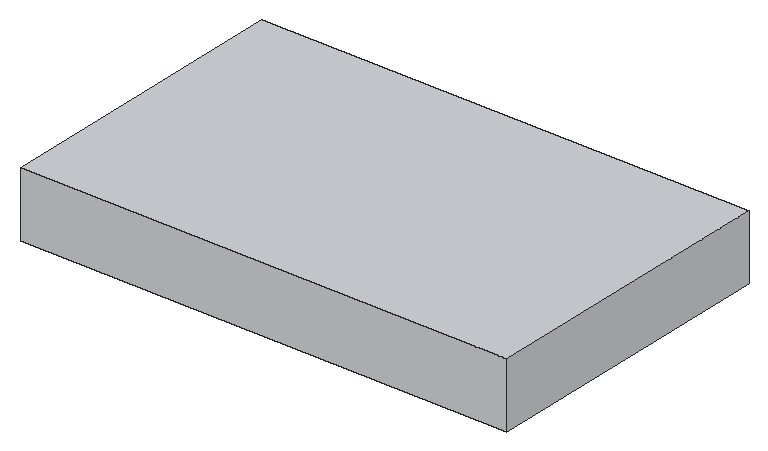
Revit family "SH-20.16", category Устройства связи, Revit 2016
Family settings
  Сохранять ориентацию аннотаций = Нет
  Тип детали = Нормальный
  Размер круглого соединителя = Использовать диаметр
  На основе рабочей плоскости = Да
  Всегда вертикально = Нет
  При загрузке вырезать с полостями = Нет
  Общий = Да
  Точка расчета площади = Нет
Parameters (values of type "SH-20.16")
  Максимальная мощность на каждом порту с PoE = "15.4 Вт"
  Количество портов UpLink = "2 порта 10/100Base-TX"  # constant formula
  Максимальная длина кабеля при подключении к портам с PoE = "100 метров"  # constant formula
  Уровень коммутатора = "1 (неуправляемый)"  # constant formula
  Default Elevation = 0 mm
  Описание = "Неуправляемый PoE коммутатор 10/100Base-TX, предназначенный для подключения сетевых устройств поддерживающих технологию Power over Ethernet."  # constant formula
  Габаритные размеры = "330х205х44,5 мм"
  Метод подачи питания на портах с PoE = "Метод B"  # constant formula
  Изображение типоразмера = <Нет>
  Изготовитель = "BAS-IP"  # constant formula
  Количество портов PoE = "PoE 16 порта IEEE 802.3af"
  Группа модели = "Коммутатор"  # constant formula
  Источник питания = ""
  URL = "https://www.bas-ip.ru"
  Email = "support@bimlib.ru"  # constant formula
  BIM library = "https://bimlib.ru/manufacturer/"  # constant formula
  ADSK_Размер_Ширина = 205 mm
  ADSK_Размер_Толщина = 44.5 mm
  ADSK_Размер_Длина = 330 mm
  ADSK_Примечание = ""
  ADSK_Полная мощность = ADSK_Номинальная мощность / ADSK_Коэффициент мощности  # 322.222 VA
  ADSK_Позиция = ""
  ADSK_Обозначение = ""
  ADSK_Номинальная мощность = 290 W  # constant formula
  ADSK_Напряжение = 48 V  # constant formula
  ADSK_Наименование краткое = ADSK_Марка  # "SH-20.16"
  ADSK_Наименование = "POE КОММУТАТОР SH-20.16"
  ADSK_Масса_Текст = ""
  ADSK_Марка = "SH-20.16"
  ADSK_Коэффициент мощности = 0.9  # constant formula
  ADSK_Количество фаз = 1
  ADSK_Код изделия = ""
  ADSK_Классификация нагрузок = Коммутатор
  ADSK_Зона = ""
  ADSK_Завод-изготовитель = Изготовитель  # "BAS-IP"
  ADSK_Единица измерения = "шт"  # constant formula
  ADSK_Версия Revit = "Revit 2016"  # constant formula
  ADSK_URL страницы изделия = "https://www.bas-ip.ru/catalog/accessories/bas-ip-sh-20-4/"
  ADSK_URL документации изделия = ""
Types (4, lengths in mm): name | Максимальная мощность на каждом порту с PoE | Габаритные размеры | Количество портов PoE | Источник питания | ADSK_Размер_Ширина | ADSK_Размер_Толщина | ADSK_Размер_Длина | ADSK_Наименование краткое | ADSK_Наименование | ADSK_Марка
  (no name) | "15.4 Вт" | "330х205х44,5 мм" | "PoE 16 порта IEEE 802.3af" | "" | 205 | 44.5 | 330 | "SH-20.16" | "POE КОММУТАТОР SH-20.16" | "SH-20.16"
  SH-20.4 | "15 Вт" | "150х77х28,5 мм" | "PoE 4 порта IEEE 802.3af" | "Внешний 48 В 1,25 А (в комплекте)" | 77 | 28.5 | 150 | "SH-20.4" | "POE КОММУТАТОР SH-20.4" | "SH-20.4"
  SH-20.8 | "15.4 Вт" | "190х77х28,5 мм" | "PoE 8 порта IEEE 802.3af" | "Внешний 48 В 3,0 А (в комплекте)" | 77 | 28.5 | 190 | "SH-20.8" | "POE КОММУТАТОР SH-20.8" | "SH-20.8"
  SH-20.16 | "15.4 Вт" | "330х205х44,5 мм" | "PoE 16 порта IEEE 802.3af" | "" | 205 | 44.5 | 330 | "SH-20.16" | "POE КОММУТАТОР SH-20.16" | "SH-20.16"
Reference planes
  plane 1 "По центру (Вперед/Назад)": y = 0
  plane 2: z = 0
  plane 3 "По центру (Влево/Вправо)": x = 0
  plane 4: x = -165
  plane 5: y = 102.5
  plane 6: x = 165
  plane 7: y = -102.5
  plane 8: z = 44.5
  plane 9 "Плоскость для коннекторов": z = 0
Forms (mm)
  Extrusion 1, solid, detail levels medium+fine
    sketch origin (0, 0, 0) x (1, 0, 0) y (0, 1, 0)
      loop
        line (-165, 102.5) -> (-165, -102.5) -> (165, -102.5) -> (165, 102.5) -> (-165, 102.5)
    from 0 to 44.5
Lines and regions (mm)
  model lines, detail levels coarse
    curve 1: line (-165, 102.5, 0) -> (165, 102.5, 0)
    curve 2: line (-165, -102.5, 0) -> (-165, 102.5, 0)
    curve 3: line (165, -102.5, 0) -> (-165, -102.5, 0)
    curve 4: line (165, 102.5, 0) -> (165, -102.5, 0)
Dimensions and locks
  equal spacing: plane 4, plane 3 "По центру (Влево/Вправо)", plane 6
  "ADSK_Размер_Длина": plane 4 to plane 6
  "ADSK_Размер_Ширина": plane 5 to plane 7
  equal spacing: plane 5, plane 1 "По центру (Вперед/Назад)", plane 7
  "ADSK_Размер_Толщина": plane 8 to plane 2
  aligned and locked: level to plane 2
  aligned and locked: Extrusion 1 sketch curve to plane 4
  aligned and locked: Extrusion 1 sketch curve to plane 5
  aligned and locked: Extrusion 1 sketch curve to plane 6
  aligned and locked: Extrusion 1 sketch curve to plane 7
  aligned and locked: curve 1 to Extrusion 1
  aligned and locked: curve 2 to Extrusion 1
  aligned and locked: curve 3 to Extrusion 1
  aligned and locked: curve 4 to Extrusion 1
  aligned and locked: Extrusion 1 to plane 8
  aligned and locked: Extrusion 1 to plane 9 "Плоскость для коннекторов"
Connectors
  electrical at (-65, -102.5, 10), driven by "Количество портов PoE"
    settings: on plane 7, index 9, voltage 0 V, apparent load 0 VA, apparent load phase1 0 VA, apparent load phase2 0 VA, apparent load phase3 0 VA, power factor 1, load classification "Прочее", number of poles 1, system type 5, power factor state 1, is connector primary yes, connector utility no, sub classification motor no, connector description "PoE 16 порта IEEE 802.3af"
  electrical at (65, 102.5, 10), driven by "ADSK_Количество фаз", driven by "ADSK_Классификация нагрузок", driven by "ADSK_Напряжение", driven by "ADSK_Полная мощность", driven by "ADSK_Коэффициент мощности"
    settings: on plane 5, index 10, voltage 48 V, apparent load 322.222 VA, apparent load phase1 0 VA, apparent load phase2 0 VA, apparent load phase3 0 VA, power factor 0.9, load classification "Коммутатор", number of poles 1, system type 30, power factor state 1, is connector primary no, connector utility no, sub classification motor no, connector description ""
